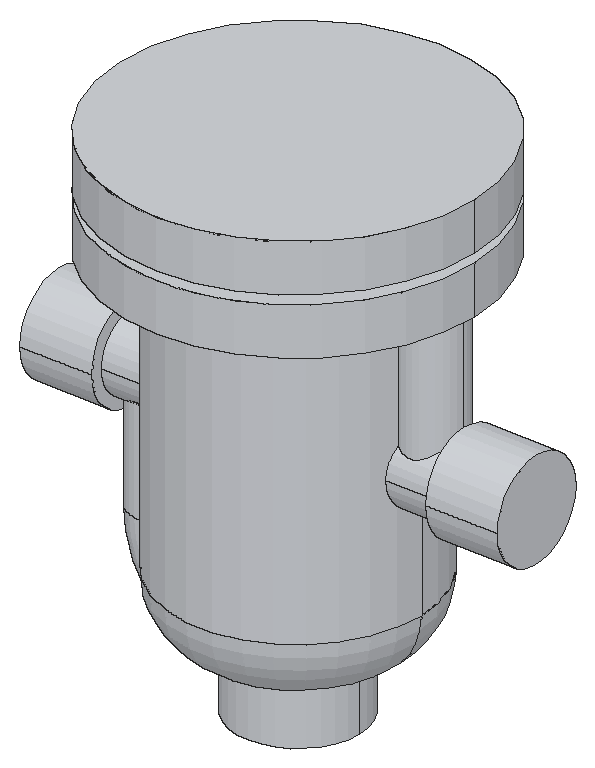
Revit family "M_Purgador - Êmbolo invertido", category Acessórios do tubo, Revit 2019
Family settings
  Cota do conector redondo = Usar raio
  Tipo de parte = Quebra em
  Número OmniClass = 23.65.55.14
  Título OmniClass = Valves for Liquid Services
  ID de item do Seek = Steam Trap - Inverted Bucket-0000-CAN-ENU
  Com base no plano de trabalho = Não
  Sempre na vertical = Sim
  Corte com vazios quando carregada = Não
  Compartilhado = Não
Parameters (values of type "0.07 LPS")
  Raio do soquete = Diâmetro do soquete / 2  # 13 mm
  Diâmetro do soquete = Diâmetro nominal * 1.3  # 26 mm
  Raio 6 = Raio 2 - Raio 1  # 24.9 mm
  Raio 5 = Raio 2 * 1.1  # 36.19 mm
  Raio 4 = Raio 2 - 6.35 mm - Raio 1  # 18.55 mm
  Raio 3 = Diâmetro do êmbolo / 4  # 16.45 mm
  Raio 2 = Diâmetro do êmbolo / 2  # 32.9 mm
  Raio 1 = Raio nominal * 0.8  # 8 mm
  Queda de pressão [instance] = 50000.0 Pa
  Comprimento total = 127 mm
  Altura total = 138 mm
  Raio nominal = 10 mm
  Diâmetro nominal = Raio nominal * 2  # 20 mm
  Comprimento 2 = 0.7071 * Raio do êmbolo  # 23.264 mm
  Comprimento 1 = Raio do êmbolo - Raio 4  # 14.35 mm
  Material do purgador de êmbolo invertido = none
  Altura 1 = (6 mm + Raio 1) * 1.1  # 15.4 mm
  Deslocamento do conector = 70 mm
  Raio do êmbolo = Diâmetro do êmbolo / 2  # 32.9 mm
  Diâmetro do êmbolo = Diâmetro do corpo * 0.7  # 65.8 mm
  Raio do corpo = Diâmetro do corpo / 2  # 47 mm
  Diâmetro do corpo = 94 mm
Types (8, lengths in mm): name | Raio do soquete | Diâmetro do soquete | Raio 6 | Raio 5 | Raio 4 | Raio 3 | Raio 2 | Raio 1 | Comprimento total | Altura total | Raio nominal | Diâmetro nominal | Comprimento 2 | Comprimento 1 | Altura 1 | Deslocamento do conector | Raio do êmbolo | Diâmetro do êmbolo | Raio do corpo | Diâmetro do corpo
  (no name) | 13 | 26 | 24.9 | 36.19 | 18.55 | 16.45 | 32.9 | 8 | 127 | 138 | 10 | 20 | 23.264 | 14.35 | 15.4 | 70 | 32.9 | 65.8 | 47 | 94
  0.07 LPS | 13 | 26 | 24.9 | 36.19 | 18.55 | 16.45 | 32.9 | 8 | 127 | 138 | 10 | 20 | 23.264 | 14.35 | 15.4 | 70 | 32.9 | 65.8 | 47 | 94
  0.11 LPS | 16.25 | 32.5 | 23.25 | 36.575 | 16.9 | 16.625 | 33.25 | 10 | 127 | 175 | 12.5 | 25 | 23.511 | 16.35 | 17.6 | 108 | 33.25 | 66.5 | 47.5 | 95
  0.23 LPS | 13 | 26 | 42.05 | 55.055 | 35.7 | 25.025 | 50.05 | 8 | 165 | 230 | 10 | 20 | 35.39 | 14.35 | 15.4 | 137 | 50.05 | 100.1 | 71.5 | 143
  0.46 LPS | 16.25 | 32.5 | 52.3 | 68.53 | 45.95 | 31.15 | 62.3 | 10 | 197 | 300 | 12.5 | 25 | 44.052 | 16.35 | 17.6 | 179 | 62.3 | 124.6 | 89 | 178
  0.73 LPS | 20.8 | 41.6 | 58.25 | 78.155 | 51.9 | 35.525 | 71.05 | 12.8 | 229 | 346 | 16 | 32 | 50.239 | 19.15 | 20.68 | 198 | 71.05 | 142.1 | 101.5 | 203
  1.05 LPS | 32.5 | 65 | 60.15 | 88.165 | 53.8 | 40.075 | 80.15 | 20 | 260 | 413 | 25 | 50 | 56.674 | 26.35 | 28.6 | 205 | 80.15 | 160.3 | 114.5 | 229
  2.10 LPS | 42.25 | 84.5 | 76.2 | 112.42 | 69.85 | 51.1 | 102.2 | 26 | 330 | 541 | 32.5 | 65 | 72.266 | 32.35 | 35.2 | 279 | 102.2 | 204.4 | 146 | 292
Reference planes
  plane 1 "Centro (Frente/Trás)": y = 0
  plane 2: z = 0
  plane 3 "Centro (Esquerda/Direita)": x = 0
  plane 4: z = -70
  plane 5: z = -54.6
  plane 6: z = -36.05
  plane 7: z = 68
  plane 8: z = 55.3
  plane 9: z = 52.919
  plane 10: z = 40.219
  plane 11: x = -32.9
  plane 12: x = 32.9
  plane 13: x = 14.35
  plane 14: z = -33.81
  plane 15: x = -36.075
  plane 16: x = -11.175
  plane 17: x = -63.5
  plane 18: x = 63.5
  plane 19: x = -44.45
  plane 20: x = 44.45
  plane 21: x = 36.075
  plane 22: x = -23.264
  plane 23: x = 23.264
Forms (mm)
  Extrusion 1, solid, material <- "Material do purgador de êmbolo invertido", detail levels fine
    sketch origin (0, 0, 0) x (1, 0, 0) y (0, 1, 0)
      loop
        circle (0, 0) r 32.9
    from -36.05 to 40.219
  Revolve 2, solid, material <- "Material do purgador de êmbolo invertido", detail levels fine
    sketch origin (0, 0, 0) x (1, 0, 0) y (0, 0, 1)
      loop
        line (0, -54.6) -> (14.35, -54.6)
        arc (14.35, -54.6) -> (27.467, -49.167) -> (32.9, -36.05) r 18.55
        line (32.9, -36.05) -> (0, -36.05) -> (0, -54.6)
      axis (0, -54.6) -> (0, -36.05)
    angle from 0 to 360
  Extrusion 3, solid, material <- "Material do purgador de êmbolo invertido", detail levels fine
    sketch origin (0, 0, 0) x (1, 0, 0) y (0, 1, 0)
      loop
        circle (0, 0) r 16.45
    from -70 to -36.05
  Sweep 4, solid, material <- "Material do purgador de êmbolo invertido", detail levels fine
    path in 3D
      loop
        line (-36.075, 0, 0) -> (-36.075, 0, -33.81)
        arc (-36.075, 0, -33.81) -> (-28.782, 0, -51.417) -> (-11.175, 0, -58.71) r 24.9
    profile origin (-28.782, 0, -51.417) x (0.707107, 0, 0.707107) y (0, -1, 0)
      loop
        circle (0, 0) r 8
  Extrusion 5, solid, material <- "Material do purgador de êmbolo invertido", detail levels fine
    sketch origin (0, 0, 0) x (0, 1, 0) y (0, 0, 1)
      loop
        circle (0, 0) r 10
    from -44.45 to 44.45
  Extrusion 6, solid, material <- "Material do purgador de êmbolo invertido", detail levels fine
    sketch origin (0, 0, 0) x (0, 1, 0) y (0, 0, 1)
      loop
        circle (0, 0) r 13
    from 44.45 to 63.5
  Extrusion 7, solid, material <- "Material do purgador de êmbolo invertido", detail levels fine
    sketch origin (0, 0, 0) x (0, 1, 0) y (0, 0, 1)
      loop
        circle (0, 0) r 13
    from -63.5 to -44.45
  Extrusion 8, solid, material <- "Material do purgador de êmbolo invertido", detail levels fine
    sketch origin (0, 0, 0) x (1, 0, 0) y (0, 1, 0)
      loop
        circle (0, 0) r 47
    from 55.3 to 68
  Extrusion 9, solid, material <- "Material do purgador de êmbolo invertido", detail levels fine
    sketch origin (0, 0, 0) x (1, 0, 0) y (0, 1, 0)
      loop
        circle (0, 0) r 47
    from 52.919 to 40.219
  Extrusion 10, solid, material <- "Material do purgador de êmbolo invertido", detail levels fine
    sketch origin (0, 0, 0) x (1, 0, 0) y (0, 1, 0)
      loop
        circle (36.075, 0) r 8
    from 0 to 40.219
Cuts and joins
  joined: Extrusion 1, Revolve 2, Extrusion 5, Extrusion 10
Lines and regions (mm)
  reference lines
    curve 1: arc (-36.075, 0, -33.81) -> (-28.782, 0, -51.417) -> (-11.175, 0, -58.71) r 24.9
    curve 6: line (0, 0, 0) -> (-45.962, 45.962, 0)
    curve 8: line (0, 0, 0) -> (-45.962, -45.962, 0)
    curve 12: line (-36.075, 0, -33.81) -> (-36.075, 0, 0)
  sketch lines
    curve 2: arc (-36.075, 0, -33.81) -> (-28.782, 0, -51.417) -> (-11.175, 0, -58.71) r 24.9
    curve 13: line (-36.075, 0, -33.81) -> (-36.075, 0, 0)
  model lines, detail levels coarse+medium
    curve 3: circle (0, 0, 0) r 32.9 normal (0, 0, 1)
    curve 4: line (32.9, 0, 0) -> (84.138, 0, 0)
    curve 5: line (-84.137, 0, 0) -> (-32.9, 0, 0)
    curve 7: line (0, 0, 0) -> (-23.264, 23.264, 0)
    curve 9: line (0, 0, 0) -> (-23.264, -23.264, 0)
    curve 10: line (0, 0, 0) -> (23.264, 23.264, 0)
    curve 11: line (0, 0, 0) -> (23.264, -23.264, 0)
Dimensions and locks
  "Deslocamento do conector": plane 2 to plane 4
  "Altura 1": plane 5 to plane 4
  "Raio 4": plane 6 to plane 5
  "Altura total": plane 7 to plane 4
  locked: plane 7 to plane 8 at 12.7
  locked: plane 8 to plane 9 at 2.381
  locked: plane 9 to plane 10 at 12.7
  "Raio do êmbolo": plane 3 "Centro (Esquerda/Direita)" to plane 11
  "Raio do êmbolo": plane 12 to plane 3 "Centro (Esquerda/Direita)"
  "Comprimento 1": plane 13 to plane 3 "Centro (Esquerda/Direita)"
  "Raio 5": plane 14 to plane 4
  locked: plane 11 to plane 15 at 3.175
  "Raio 6": plane 16 to plane 15
  equal spacing: plane 18, plane 3 "Centro (Esquerda/Direita)", plane 17
  "Comprimento total": plane 18 to plane 17
  locked: plane 19 to plane 17 at 19.05
  locked: plane 18 to plane 20 at 19.05
  locked: plane 21 to plane 12 at 3.175
  "Comprimento 2": plane 22 to plane 3 "Centro (Esquerda/Direita)"
  "Comprimento 2": plane 3 "Centro (Esquerda/Direita)" to plane 23
  "Raio do êmbolo": curve 7 to curve 7
  "Raio do êmbolo": curve 9 to curve 9
  "Raio do êmbolo": radius of Extrusion 1 sketch curve
  "Raio 4": radius of Revolve 2 sketch curve
  "Raio 3": radius of Extrusion 3 sketch curve
  "Raio 6": radius of curve 1
  "Raio 1": radius of Sweep 4 sketch curve
  "Raio nominal": radius of Extrusion 5 sketch curve
  "Raio do soquete": radius of Extrusion 6 sketch curve
  "Raio do soquete": radius of Extrusion 7 sketch curve
  "Raio do corpo": radius of Extrusion 8 sketch curve
  "Raio do corpo": radius of Extrusion 9 sketch curve
  "Raio 1": radius of Extrusion 10 sketch curve
  "Raio do êmbolo": radius of curve 3
  locked: curve 6 to plane 1 "Centro (Frente/Trás)" (angle 45.00°)
  locked: curve 8 to plane 3 "Centro (Esquerda/Direita)" (angle 45.00°)
  aligned and locked: plane 1 "Centro (Frente/Trás)" to Extrusion 1 sketch curve
  aligned and locked: plane 3 "Centro (Esquerda/Direita)" to Extrusion 1 sketch curve
  aligned and locked: Extrusion 1 to plane 6
  aligned and locked: plane 10 to Extrusion 1
  aligned and locked: plane 13 to Revolve 2 sketch curve  (x2)
  aligned and locked: plane 3 "Centro (Esquerda/Direita)" to Revolve 2 sketch curve  (x3)
  aligned and locked: Revolve 2 sketch curve to plane 6
  aligned and locked: plane 5 to Revolve 2 sketch curve
  aligned and locked: plane 6 to Revolve 2 sketch curve
  aligned and locked: plane 1 "Centro (Frente/Trás)" to Extrusion 3 sketch curve
  aligned and locked: plane 3 "Centro (Esquerda/Direita)" to Extrusion 3 sketch curve
  aligned and locked: Extrusion 3 to plane 4
  aligned and locked: plane 6 to Extrusion 3
  aligned and locked: plane 14 to curve 1
  aligned and locked: plane 16 to curve 1
  aligned and locked: plane 1 "Centro (Frente/Trás)" to Sweep 4 sketch curve
  aligned and locked: plane 2 to Extrusion 5 sketch curve
  aligned and locked: plane 1 "Centro (Frente/Trás)" to Extrusion 5 sketch curve
  aligned and locked: Extrusion 5 to plane 19
  aligned and locked: plane 20 to Extrusion 5
  aligned and locked: plane 2 to Extrusion 6 sketch curve
  aligned and locked: plane 1 "Centro (Frente/Trás)" to Extrusion 6 sketch curve
  aligned and locked: plane 18 to Extrusion 6
  aligned and locked: plane 2 to Extrusion 7 sketch curve
  aligned and locked: plane 1 "Centro (Frente/Trás)" to Extrusion 7 sketch curve
  aligned and locked: Extrusion 7 to plane 17
  aligned and locked: plane 1 "Centro (Frente/Trás)" to Extrusion 8 sketch curve
  aligned and locked: plane 3 "Centro (Esquerda/Direita)" to Extrusion 8 sketch curve
  aligned and locked: Extrusion 8 to plane 8
  aligned and locked: plane 7 to Extrusion 8
  aligned and locked: Extrusion 9 to plane 9
  aligned and locked: Extrusion 9 to plane 10
  aligned and locked: plane 1 "Centro (Frente/Trás)" to Extrusion 10 sketch curve
  aligned and locked: plane 21 to Extrusion 10 sketch curve
  aligned and locked: Extrusion 10 to level
  aligned and locked: plane 10 to Extrusion 10
  aligned and locked: plane 1 "Centro (Frente/Trás)" to curve 4
  aligned and locked: plane 1 "Centro (Frente/Trás)" to curve 5
  aligned and locked: curve 6 to curve 7
  aligned and locked: plane 1 "Centro (Frente/Trás)" to curve 8
  aligned and locked: plane 3 "Centro (Esquerda/Direita)" to curve 8
  aligned and locked: curve 8 to curve 10
  aligned and locked: plane 19 to Extrusion 7
  aligned and locked: Extrusion 6 to plane 20
Automatic sketch dimensions
  Revolve 2 sketch curve to level = 6.35 mm
  level to Revolve 2 sketch curve = 12.7 mm
  Sweep 4 sketch curve to profile plane = 0 mm
  Extrusion 9 sketch curve to plane 1 "Centro (Frente/Trás)" = 0 mm
  Extrusion 9 sketch curve to plane 3 "Centro (Esquerda/Direita)" = 0 mm
  curve 5 to plane 17 = 20.637 mm
  plane 18 to curve 4 = 20.638 mm
  curve 12 to level = 0 mm
Connectors
  piping at (-63.5, 0, 0), diameter 20, driven by "Raio nominal"
    settings: on Extrusion 7, index 1, connector inside diameter 20 mm, connector length 0 mm, flow factor 0, pipe flow 0.0 L/s, pressure drop 0.0 Pa, fitting loss kfactor 0, connector angle 0.00°, fixture units 0, engagement length 0 mm, angle of deflection 0.00°, flow configuration 0, flow direction 1, fitting loss method 4, system type 22, joint type 0, gender type 0, connector reference index 2, connector utility 0, adjustable connector no, is connector primary yes, connector description "Entrada de condensação"
  piping at (63.5, 0, 0), diameter 20, driven by "Raio nominal", driven by "Queda de pressão"
    settings: on Extrusion 6, index 2, connector inside diameter 20 mm, connector length 0 mm, flow factor 0, pipe flow 0.0 L/s, pressure drop 50000.0 Pa, fitting loss kfactor 0, connector angle 0.00°, fixture units 0, engagement length 0 mm, angle of deflection 0.00°, flow configuration 0, flow direction 2, fitting loss method 4, system type 22, joint type 0, gender type 0, connector reference index 1, connector utility 0, adjustable connector no, is connector primary no, connector description "Saída de condensação"
